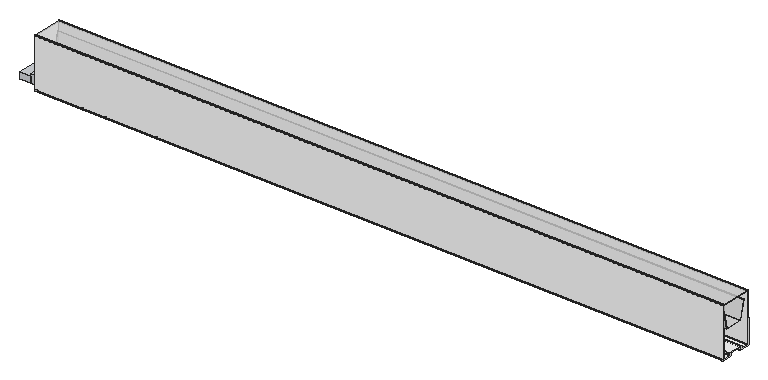
Revit family "2071482", category Lighting Fixtures, host Face, Revit 2022
Family settings
  Host = Face
  Round Connector Dimension = Use Diameter
  Part Type = Normal
  OmniClass Number = 23.80.70.00
  OmniClass Title = Lighting
  Cut with Voids When Loaded = No
  Light Source = Yes
  Maintain Annotation Orientation = No
  Shared = No
  Room Calculation Point = No
Parameters (values of type "MC2 1.2M 4K DALI WHT OPAL")
  Weight = "2.5 kg"
  Wattage Comments = ""
  Wattage = 18 W
  WarrantyStartDate [instance] = "n/a"
  WarrantyGuarantorParts = "n/a"
  WarrantyDurationUnit = "Years"
  WarrantyDurationParts = "5"
  WarrantyDescription = "http://www.sylvania-group.com"
  built-in parameter 1150110 = 1 (stored number, unit not read)
  Voltage = 230 V
  URL = "http://www.sylvania-group.com"
  TypeName = "Mini Continuum II - Direct - Trimless"
  Type Image = <None>
  Type Comments = "n/a"
  built-in parameter 1114217 = 1 (stored number, unit not read)
  Tilt Angle = -90.00°
  built-in parameter 1150109 = 1 (stored number, unit not read)
  built-in parameter 1150134 = 12
  built-in parameter 1150113 = 1 (stored number, unit not read)
  SerialNumber [instance] = "n/a"
  Photometric Web File = "2071482.IES"
  Material_3_SYL = Metal_Sylvania_Mini Contiuum II_Silver
  PowerFactor = 0.98
  PowerConsumption = "18 W"
  NominalLength = 1200 mm
  NominalHeight = 86 mm
  NominalDepth = 54 mm
  Name = "MC2 1.2M 4K DALI WHT OPAL"
  ModelReference = Name  # "MC2 1.2M 4K DALI WHT OPAL"
  ModelNumber = "2071482"
  Model = Name  # "MC2 1.2M 4K DALI WHT OPAL"
  Material = "Aluminium"
  ManufacturerName = Manufacturer  # "Feilo Sylvania"
  Manufacturer = "Feilo Sylvania"
  LuminousEfficacy = "133 lm/W"
  built-in parameter 1150105 = 1085.4 (stored number, unit not read)
  Lumens = 2394 lm
  LuminaireType = "Ceiling recessed mounting"
  built-in parameter 1150115 = 1 (stored number, unit not read)
  LightOutputRatio = "100"
  built-in parameter 1150137 = (empty or 0)
  built-in parameter 1150139 = (empty or 0)
  LampsType = Lamp  # "LED"
  LampNominalLuminous = "2400 lm"
  LampMacAdamStep = "3"
  LampColourTemperature = "4000 K"
  LampColourRenderingIndex = "80"
  built-in parameter 1150112 = 1 (stored number, unit not read)
  built-in parameter 1150114 = 1 (stored number, unit not read)
  Lamp = "LED"
  Keynote = "16500"
  InstallationDate [instance] = "n/a"
  InputVoltage = "220-240 V"
  InputNominalFrequency = "50/60Hz"
  built-in parameter 1150132 = (empty or 0)
  built-in parameter 1150102 = (empty or 0)
  built-in parameter 1150107 = 4000 (stored number, unit not read)
  built-in parameter 1150138 = (empty or 0)
  IngressProtection = "IP20"
  ImpactProtectionIndex = "IK03"
  built-in parameter 1150106 = 10.854 (stored number, unit not read)
  IfcExportType = "IfcLightFixtureType"
  IfcExportAs = "IfcLightFixtureType"
  Emit from Rectangle Width = NominalDepth  # 54 mm
  Emit from Rectangle Length = NominalLength  # 1200 mm
  Emit Shape Visible in Rendering = no
  EmergencyLight = no
  ElectricShockClassification = "Class I"
  built-in parameter 1150104 = 12.356 (stored number, unit not read)
  DocumentationLiterature = "https://www.sylvania-lighting.com/product/en-int/products/2071482/"
  DimmingControlOptions = "DALI"
  Material_2_SYL = Polycarbonate_Sylvania_Mini Continuum II_Opal_4000K
  Dimming Lamp Color Temperature Shift = <None>
  Description = "MC2 1.2M 4K DALI WHT OPAL LED luminaire, white RAL9016 finishing, direct distribution, trimless detail for a seamless finish, suitable for recessed, semi-recessed, surface-mounted or suspended installation either horizontally or vertically, various accessories available, compact and minimalist design based on the Golden Mean, ideal for offices, meeting rooms, corridors, education facilities, museums and libraries, extruded aluminium body, diffuser: opal, colour temperature: 4000K neutral white, total system power: 18W, total fixture output: 2400lm, luminaire efficacy: 133lm/W, LOR: 100%, colour rendering: Ra >80, LED Chromacity: 3 step MacAdam ellipse, lifespan: 66,000 hours L90B10, IR/UV free light source without heat radiation, operating voltage: 220-240V / 50-60Hz, drive current: 800mA, electronic driver, DALI dimmable, electrical protection: CLASS I, IP20, suitable for internal internal environment only."
  Default Elevation = 1219.2 mm
  CreatedOn = "12/08/2024"
  CreatedBy = "petra.pavlicz@sylvania-lighting.com"
  Cost = 0
  Color Filter = 16777215
  built-in parameter 1114216 [instance] = (empty or 0)
  ClassificationValue = "EF_70_80"
  ClassificationName = "Uniclass2015"
  Material_1_SYL = Metal_Sylvania_Mini Continuum II_White
  BarCode [instance] = "n/a"
  built-in parameter 1114218 = 1 (stored number, unit not read)
  built-in parameter 1150133 = 10 (stored number, unit not read)
  AssetType = "Fixed"
  AssetIdentifier [instance] = "n/a"
  Assembly Code = "D5020200"
  Apparent Load = 18.4 VA
  Material_4_SYL = none
Reference planes
  plane 1 "Center (Front/Back)": y = 0
  plane 2: z = 0
  plane 3 "Center (Left/Right)": x = 0
  plane 4: y = 27
  plane 5: y = -27
  plane 6: x = -600
  plane 7: x = 600
  plane 8 "Fixture top": z = -83.5
  plane 9 "Fixture bottom": z = 2.5
  plane 10: z = -10.5
  plane 11: x = 572
  plane 12: x = -572
  plane 13: x = 597
  plane 14: x = -597
  plane 15: x = -628
  plane 16 "snap": z = 0
Forms (mm)
  Extrusion 1, solid, material "Polycarbonate_Sylvania_Mini Continuum II_Opal_4000K" <- "Material_2_SYL"
    sketch origin (-4.8, 0, 305.049) x (0, 1, 0) y (0, 0, 1)
      loop
        line (22.233, -315.549) -> (21.206, -315.549) -> (14.206, -345.549) -> (-14.206, -345.549) -> (-21.206, -315.549) -> (-22.233, -315.549) -> (-15, -346.549) -> (15, -346.549) -> (22.233, -315.549)
    from -592.2 to 601.8
  Extrusion 2, solid, material "Polycarbonate_Sylvania_Mini Continuum II_Opal_4000K" <- "Material_2_SYL"
    sketch origin (0, 0, -471) x (0, 1, 0) y (0, 0, 1)
      loop
        line (-25, 473.5) -> (-25, 471.5) -> (25, 471.5) -> (25, 473.5) -> (-25, 473.5)
    from -600 to 600
  Extrusion 3, solid
    sketch origin (384.076, 1524, 1219.2) x (0, 1, 0) y (0, 0, 1)
      loop
        line (-1514.443, -1281.744) -> (-1547.043, -1281.744) -> (-1547.043, -1296.244) -> (-1514.443, -1296.244) -> (-1514.443, -1281.744)
    from -994.076 to -956.076
  Extrusion 4, solid
    sketch origin (319, 1524, 1219.2) x (0, 1, 0) y (0, 0, 1)
      loop
        line (-1514.743, -1284.744) -> (-1546.743, -1284.744) -> (-1546.743, -1296.244) -> (-1514.743, -1296.244) -> (-1514.743, -1284.744)
    from -947 to -929
  Extrusion 5, solid, material "Metal_Sylvania_Mini Continuum II_White", detail levels coarse
    sketch origin (0, 0, 0) x (0, 1, 0) y (0, 0, 1)
      loop
        line (-27, 2.5) -> (-27, -83.5) -> (27, -83.5) -> (27, 2.5) -> (-27, 2.5)
    from -600 to 600
  Extrusion 6, solid, material "Metal_Sylvania_Mini Continuum II_White" <- "Material_1_SYL", detail levels medium+fine
    sketch origin (2400, 0, 0) x (0, 1, 0) y (0, 0, -1)
      loop
        line (-27, -2.5) -> (-25.5, -2.5) -> (-25.5, 80.991)
        arc (-25.5, 80.991) -> (-25.351, 81.351) -> (-24.991, 81.5) r 0.509
        line (-24.991, 81.5) -> (-13.539, 81.5)
        arc (-13.539, 81.5) -> (-13.158, 81.342) -> (-13, 80.961) r 0.539
        line (-13, 80.961) -> (-13, 77.585)
        arc (-13, 77.585) -> (-12.842, 77.202) -> (-12.459, 77.044) r 0.541
        line (-12.459, 77.044) -> (12.459, 77.044)
        arc (12.459, 77.044) -> (12.842, 77.202) -> (13, 77.585) r 0.541
        line (13, 77.585) -> (13, 80.961)
        arc (13, 80.961) -> (13.158, 81.342) -> (13.539, 81.5) r 0.539
        line (13.539, 81.5) -> (24.991, 81.5)
        arc (24.991, 81.5) -> (25.351, 81.351) -> (25.5, 80.991) r 0.509
        line (25.5, 80.991) -> (25.5, -2.5) -> (27, -2.5) -> (27, 83)
        arc (27, 83) -> (26.854, 83.354) -> (26.5, 83.5) r 0.5
        line (26.5, 83.5) -> (11.52, 83.5)
        arc (11.52, 83.5) -> (11.152, 83.348) -> (11, 82.98) r 0.52
        line (11, 82.98) -> (11, 79.574)
        arc (11, 79.574) -> (10.845, 79.199) -> (10.47, 79.044) r 0.53
        line (10.47, 79.044) -> (-10.47, 79.044)
        arc (-10.47, 79.044) -> (-10.845, 79.199) -> (-11, 79.574) r 0.53
        line (-11, 79.574) -> (-11, 82.98)
        arc (-11, 82.98) -> (-11.152, 83.348) -> (-11.52, 83.5) r 0.52
        line (-11.52, 83.5) -> (-26.5, 83.5)
        arc (-26.5, 83.5) -> (-26.854, 83.354) -> (-27, 83) r 0.5
        line (-27, 83) -> (-27, -2.5)
    from 3000 to 1800
Dimensions and locks
  "NominalLength": plane 6 to plane 7
  equal spacing: plane 6, plane 3 "Center (Left/Right)", plane 7
  "NominalHeight": plane 9 "Fixture bottom" to plane 8 "Fixture top"
  equal spacing: plane 4, plane 1 "Center (Front/Back)", plane 5
  locked: imposter light to plane 10 at 13
  locked: plane 6 to plane 12 at 28
  locked: plane 11 to plane 7 at 28
  locked: Extrusion 2 sketch curve to Extrusion 2 sketch curve at 2
  locked: Extrusion 2 sketch curve to Extrusion 2 sketch curve at 50
  locked: plane 13 to plane 7 at 3
  locked: plane 6 to plane 14 at 3
  locked: Extrusion 3 sketch curve to Extrusion 3 sketch curve at 32.6
  locked: Extrusion 3 sketch curve to Extrusion 3 sketch curve at 14.5
  locked: Extrusion 4 sketch curve to Extrusion 4 sketch curve at 32
  Extrusion 4 sketch curve to Extrusion 4 sketch curve = 11.5 mm
  locked: plane 9 "Fixture bottom" to plane 10 at 13
  Extrusion 3 to Extrusion 3 = 38 mm
  locked: Extrusion 4 to Extrusion 4 at 11.5
  locked: Extrusion 3 to Extrusion 3 at 38
  locked: Extrusion 4 to Extrusion 3 at 18
  "NominalDepth": plane 4 to plane 5
  Extrusion 6 to plane 8 "Fixture top" to Extrusion 6 = 0 mm, 2 mm locked  (x2)
  locked: Extrusion 6 to Extrusion 6 at 6.456
  locked: Extrusion 6 to Extrusion 6 at 2  (x2)
  locked: Extrusion 6 to Extrusion 6 at 22
  locked: Extrusion 6 to Extrusion 6 at 1.5  (x2)
  aligned and locked: plane 2 to host face
  aligned and locked: level to host face
  aligned and locked: plane 9 "Fixture bottom" to imposter light
  aligned and locked: plane 10 to Extrusion 1  (x2)
  aligned and locked: plane 7 to Extrusion 2
  aligned and locked: Extrusion 2 to plane 6
  aligned and locked: Extrusion 1 to plane 14
  aligned and locked: Extrusion 1 to plane 13
  aligned and locked: Extrusion 3 to Extrusion 4
  aligned and locked: plane 12 to Extrusion 3
  aligned and locked: plane 5 to Extrusion 5 sketch curve
  aligned and locked: Extrusion 5 sketch curve to plane 4
  aligned and locked: Extrusion 5 sketch curve to imposter light
  aligned and locked: Extrusion 6 to plane 5  (x2)
  aligned and locked: plane 4 to Extrusion 6  (x2)
  aligned and locked: level to plane 16 "snap"
  aligned and locked: plane 9 "Fixture bottom" to Extrusion 2
  aligned and locked: plane 9 "Fixture bottom" to Extrusion 6  (x4)
  aligned and locked: Extrusion 6 to plane 8 "Fixture top"  (x2)
  aligned and locked: Extrusion 5 to plane 5
  aligned and locked: plane 4 to Extrusion 5
  aligned and locked: Extrusion 3 to Extrusion 6
  aligned and locked: Extrusion 6 to imposter light
  aligned and locked: plane 7 to Extrusion 6
  aligned and locked: Extrusion 5 to imposter light
  aligned and locked: plane 7 to Extrusion 5
  aligned and locked: Extrusion 6 to plane 6
  aligned and locked: Extrusion 5 to plane 6
  aligned and locked: Extrusion 5 to plane 8 "Fixture top"
  aligned and locked: Extrusion 6 to Extrusion 2  (x2)
  aligned and locked: plane 9 "Fixture bottom" to Extrusion 5
  aligned and locked: Extrusion 5 to Extrusion 2
Automatic sketch dimensions
  host sketch curve to host sketch curve = 2438.4 mm  (x2)
  Extrusion 1 sketch curve to plane 10 = 0 mm  (x2)
  plane 5 to Extrusion 1 sketch curve = 4.767 mm
  Extrusion 1 sketch curve to Extrusion 1 sketch curve = 1.027 mm  (x2)
  plane 5 to Extrusion 1 sketch curve = 12 mm
  Extrusion 1 sketch curve to Extrusion 1 sketch curve = 0.794 mm  (x2)
  Extrusion 1 sketch curve to plane 4 = 12.794 mm
  Extrusion 1 sketch curve to plane 4 = 5.794 mm
  Extrusion 1 sketch curve to plane 10 = 30 mm
  Extrusion 1 sketch curve to Extrusion 1 sketch curve = 1 mm
  Extrusion 2 sketch curve to plane 9 "Fixture bottom" = 0 mm
  plane 5 to Extrusion 2 sketch curve = 2 mm
  plane 5 to Extrusion 3 sketch curve = 3.957 mm
  plane 8 "Fixture top" to Extrusion 3 sketch curve = 6.456 mm
  plane 5 to Extrusion 4 sketch curve = 4.257 mm
  plane 8 "Fixture top" to Extrusion 4 sketch curve = 6.456 mm
  Extrusion 6 sketch curve to plane 5 = 0 mm
  Extrusion 6 sketch curve to plane 8 "Fixture top" = 0 mm  (x2)
  Extrusion 6 sketch curve to plane 9 "Fixture bottom" = 0 mm  (x2)
  Extrusion 6 sketch curve to plane 4 = 0 mm
  plane 5 to Extrusion 6 sketch curve = 0.5 mm
  plane 5 to Extrusion 6 sketch curve = 1.5 mm
  Extrusion 6 sketch curve to Extrusion 6 sketch curve = 0.509 mm
  plane 8 "Fixture top" to Extrusion 6 sketch curve = 2.539 mm  (x2)
  Extrusion 6 sketch curve to Extrusion 6 sketch curve = 11.451 mm
  Extrusion 6 sketch curve to Extrusion 6 sketch curve = 0.539 mm  (x2)
  Extrusion 6 sketch curve to Extrusion 6 sketch curve = 0.541 mm  (x2)
  Extrusion 6 sketch curve to Extrusion 6 sketch curve = 2.02 mm
  plane 8 "Fixture top" to Extrusion 6 sketch curve = 0.52 mm
  Extrusion 6 sketch curve to Extrusion 6 sketch curve = 0.53 mm  (x2)
  plane 8 "Fixture top" to Extrusion 6 sketch curve = 3.926 mm
  Extrusion 6 sketch curve to plane 1 "Center (Front/Back)" = 10.47 mm
  Extrusion 6 sketch curve to Extrusion 6 sketch curve = 0.52 mm
  Extrusion 6 sketch curve to Extrusion 6 sketch curve = 1.989 mm
  Extrusion 6 sketch curve to plane 4 = 2.009 mm
  Extrusion 6 sketch curve to Extrusion 6 sketch curve = 1.5 mm
  Extrusion 6 sketch curve to plane 4 = 0.5 mm
  Extrusion 6 sketch curve to Extrusion 6 sketch curve = 2 mm
  Extrusion 5 sketch curve to plane 8 "Fixture top" = 0 mm
Connectors
  electrical at (-628, -6.743, -71.294), driven by "Voltage", driven by "Apparent Load", driven by "PowerFactor"
    settings: on Extrusion 4, index 1, voltage 230 V, apparent load 18.4 VA, apparent load phase1 0 VA, apparent load phase2 0 VA, apparent load phase3 0 VA, power factor 0.98, load classification "Lighting", number of poles 1, system type 30, power factor state 1, is connector primary yes, connector utility no, sub classification motor no, connector description ""
